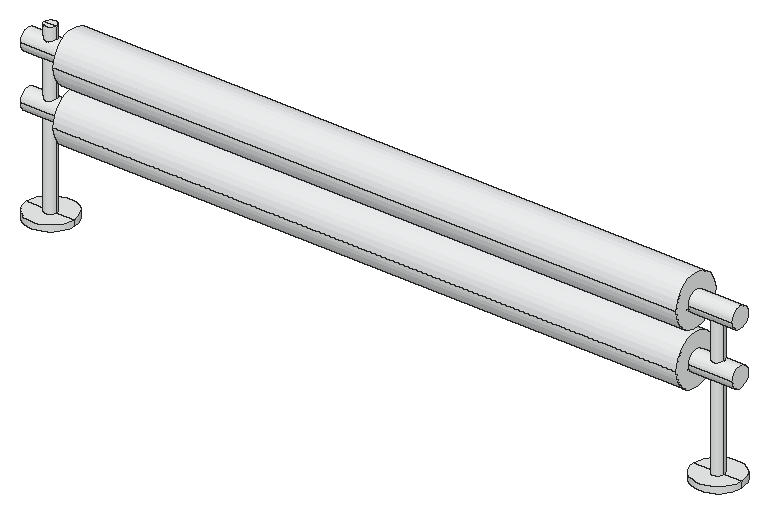
Revit family
Parameters (values of type "K33-73-08")
  URL = "http://viewer.zmags.com/publication/f01ae52f"
  Tube Radius = 16.9 mm
  Tube = RAL 9016
  Top Socket = 35 mm
  Thermal Performance = Thermal Performance Constant * Length / 1000 mm  # 124.8
  Socket Thick = 10 mm
  Socket = RAL 9016
  Plated Radius = 40 mm
  Plated = RAL 9016
  Socket Radius = 10 mm
  Plated Thick = 10 mm
  Model = "K33-73-08"
  Manufacturer = "Meinertz"  # constant formula
  Length = 1200 mm
  Mid = Length / 2  # 600 mm
  Keynote = "K33-73-08"
  Height = 125 mm
  GoGetNo = 6972  # constant formula
  Fins = yes
  Fin Radius = 41.5 mm
  Fin Pitch = RAL 9016 F
  Fin Diameter = Fin Radius * 2  # 83 mm
  Centre Line Distance = 90 mm
  Thermal Performance Constant = if(Fin Diameter = 73 mm, 88, if(Fin Diameter = 83 mm, 104, if(Fin Diameter = 92 mm, 88, if(Fin Diameter = 98 mm, 82, if(Fin Diameter = 123 mm, 110, if(Fin Diameter = 139 mm, 133, 180))))))  # 104
Types (9, lengths in mm): name | Tube Radius | Thermal Performance | Plated Radius | Plated Thick | Model | Keynote | Height | Fin Radius | Fin Diameter | Centre Line Distance | Thermal Performance Constant
  (no name) | 16.9 | 124.8 | 40 | 10 | "K33-73-08" | "K33-73-08" | 125 | 41.5 | 83 | 90 | 104
  K33-73-08 | 16.9 | 124.8 | 40 | 10 | "K33-73-08" | "K33-73-08" | 125 | 41.5 | 83 | 90 | 104
  K33-83-10 | 16.9 | 124.8 | 40 | 10 | "K33-83-10" | "K33-83-10" | 150 | 41.5 | 83 | 100 | 104
  K42-92-10 | 21.2 | 105.6 | 45 | 10 | "K42-92-10" | "K42-92-10" | 150 | 46 | 92 | 100 | 88
  K48-98-10 | 24.2 | 98.4 | 50 | 12 | "K48-98-10" | "K48-98-10" | 125 | 49 | 98 | 120 | 82
  K60-110-10 | 30.2 | 216 | 67.5 | 10 | "K60-110-10" | "K60-110-10" | 125 | 55 | 110 | 150 | 180
  K60-123-12 | 30.2 | 132 | 67.5 | 10 | "K60-123-12" | "K60-123-12" | 150 | 61.5 | 123 | 150 | 110
  K76-139-12 | 38.5 | 159.6 | 77.5 | 10 | "K76-139-12" | "K76-139-12" | 150 | 69.5 | 139 | 190 | 133
  K101-164-12 | 50.8 | 216 | 90 | 10 | "K101-164-12" | "K101-164-12" | 150 | 82 | 164 | 270 | 180
Reference planes
  plane 1 "Center (Front/Back)": y = 0
  plane 2: z = 0
  plane 3 "Center (Left/Right)": x = 0
  plane 4: z = 166.5
  plane 5: z = 256.5
  plane 6: z = 125
  plane 7: z = 298
  plane 8: x = -600
  plane 9: x = 600
  plane 10: z = 211.5
  plane 11: x = 562.5
  plane 12: x = -562.5
  plane 13: z = 10
  plane 14: z = -10
Forms (mm)
  Extrusion 1, solid, material "RAL 9016" <- "Tube"
    sketch origin (0, 0, 0) x (1, 0, 0) y (0, 1, 0)
      loop
        circle (-562.5, 0) r 10
    from 10 to 256.5
  Extrusion 2, solid, material "RAL 9016" <- "Tube"
    sketch origin (0, 0, 0) x (-1, 0, 0) y (0, -1, 0)
      loop
        circle (-562.5, 0) r 10
    from 10 to 256.5
  Revolve 3, solid, material "RAL 9016" <- "Plated"
    sketch origin (0, 0, 0) x (1, 0, 0) y (0, 0, 1)
      loop
        line (562.5, 10) -> (522.5, 10) -> (522.5, 0) -> (562.5, 0) -> (562.5, 10)
      axis (562.5, 0) -> (562.5, 10)
    angle from 0 to 360
  Revolve 4, solid, material "RAL 9016" <- "Plated"
    sketch origin (0, 0, 0) x (1, 0, 0) y (0, 0, 1)
      loop
        line (-562.5, 10) -> (-602.5, 10) -> (-602.5, 0) -> (-562.5, 0) -> (-562.5, 10)
      axis (-562.5, 0) -> (-562.5, 10)
    angle from 0 to 360
  Revolve 5, solid, material "RAL 9016" <- "Socket"
    sketch origin (0, 0, 0) x (1, 0, 0) y (0, 0, 1)
      loop
        line (-562.5, 291.5) -> (-572.5, 291.5) -> (-572.5, 256.5) -> (-562.5, 256.5) -> (-562.5, 291.5)
      axis (-562.5, 256.5) -> (-562.5, 291.5)
    angle from 0 to 360
  Extrusion 6, solid, material "Tap"
    sketch origin (-562.5, 0, 0) x (0, 1, 0) y (1, 0, 0)
      loop
        circle (0, 0) r 10
      loop
        circle (0, 1125) r 10
    from 0 to 5
Dimensions and locks
  "Centre Line Distance": plane 5 to plane 4
  "Height": plane 6 to level
  "Fin Radius": plane 7 to plane 5
  "Fin Radius": plane 4 to plane 6
  "Mid": plane 3 "Center (Left/Right)" to plane 8
  "Mid": plane 9 to plane 3 "Center (Left/Right)"
  equal spacing: plane 5, plane 10, plane 4
  equal spacing: nested 2, plane 11, plane 9
  equal spacing: nested 2, plane 12, plane 8
  "Plated Thick": plane 13 to level
  "Socket Thick": level to plane 14
  "Plated Radius": Revolve 3 sketch curve to Revolve 3 sketch curve
  "Plated Radius": plane 12 to Revolve 4 sketch curve
  "Socket Radius": plane 12 to Revolve 5 sketch curve
  "Top Socket": Revolve 5 sketch curve to plane 5
  equal spacing: Extrusion 6 sketch curve, plane 12, Extrusion 6 sketch curve
  equal spacing: Extrusion 6 sketch curve, plane 1 "Center (Front/Back)", Extrusion 6 sketch curve  (x2)
  equal spacing: Extrusion 6 sketch curve, plane 11, Extrusion 6 sketch curve
  "Socket Radius": radius of Extrusion 1 sketch curve
  "Socket Radius": radius of Extrusion 2 sketch curve
  aligned and locked: plane 1 "Center (Front/Back)" to nested 1
  aligned and locked: plane 4 to nested 1
  aligned and locked: plane 5 to nested 2
  aligned and locked: plane 9 to nested 2
  aligned and locked: plane 9 to nested 1
  aligned and locked: plane 5 to Extrusion 1
  aligned and locked: Extrusion 1 to plane 13
  aligned and locked: plane 5 to Extrusion 2
  aligned and locked: Extrusion 2 to plane 13
  aligned and locked: Revolve 3 sketch curve to plane 13
  aligned and locked: level to Revolve 3 sketch curve
  aligned and locked: Revolve 3 sketch curve to plane 11
  aligned and locked: Revolve 4 sketch curve to plane 13
  aligned and locked: level to Revolve 4 sketch curve
  aligned and locked: Revolve 5 sketch curve to plane 12
  aligned and locked: plane 5 to Revolve 5 sketch curve
Automatic sketch dimensions
  Extrusion 1 sketch curve to plane 1 "Center (Front/Back)" = 0 mm
  Extrusion 1 sketch curve to plane 12 = 0 mm
  Extrusion 2 sketch curve to plane 1 "Center (Front/Back)" = 0 mm
  Extrusion 2 sketch curve to plane 11 = 0 mm
  Revolve 3 sketch curve to plane 11 = 0 mm
  plane 14 to Revolve 3 sketch curve = 10 mm
  Revolve 3 sketch curve to plane 13 = 0 mm
  Revolve 4 sketch curve to plane 12 = 0 mm  (x2)
  plane 14 to Revolve 4 sketch curve = 10 mm
  Revolve 4 sketch curve to plane 13 = 0 mm
  Revolve 5 sketch curve to plane 5 = 0 mm
  Revolve 5 sketch curve to plane 12 = 0 mm
  Revolve 5 sketch curve to Revolve 5 sketch curve = 0 mm
  radius of Extrusion 6 sketch curve = 10 mm  (x2)
Nested families
  nested 1: "Ribberør LSV-Finned Tube" at (0, 0, -33.5), type "k33-73-08"
  nested 2: "Ribberør LSV-Finned Tube" at (0, 0, 56.5), type "k33-73-08"
Connectors
  piping at (-562.5, 0, -5)
    settings: on Extrusion 6, index 1, connector radius 10 mm, flow factor 0, pipe flow 0.0 L/s, pressure drop 0.0 Pa, fitting loss kfactor 0, connector angle 0.00°, fixture units 0, flow configuration 1, flow direction 1, fitting loss method 0, system type 22, connector reference index -1, connector utility 0, adjustable connector no, is connector primary yes, fitting loss table "", connector description ""
  piping at (562.5, 0, -5)
    settings: on Extrusion 6, index 2, connector radius 10 mm, flow factor 0, pipe flow 0.0 L/s, pressure drop 0.0 Pa, fitting loss kfactor 0, connector angle 0.00°, fixture units 0, flow configuration 1, flow direction 2, fitting loss method 0, system type 22, connector reference index -1, connector utility 0, adjustable connector no, is connector primary no, fitting loss table "", connector description ""
Definition of nested family "Ribberør LSV-Finned Tube"
  Parameters (values of type "K101-164-12")
    URL = "http://www.meinertz.com"
    Tube Radius = Tube Diameter / 2  # 50.8 mm
    Tube Diameter = 101.6 mm
    Tube = RAL 9016
    Offset = 75 mm
    Model = "K101-164-12"
    Max #1 Pole Breakers [instance] = 271
    Manufacturer = "Meinertz"
    Length = 1200 mm
    Keynote = "K101-164-12"
    Height = 150 mm
    GoGetNo = 6959  # constant formula
    Fins = yes
    Fin Radius = Fin Diameter / 2  # 82 mm
    Fin Pitch = RAL 9016 F
    Fin Offset = 0.6 mm
    Fin Diameter = 164 mm
    Assembly Code = ""
  Types (8, lengths in mm): name | Tube Radius | Tube Diameter | Model | Max #1 Pole Breakers | Keynote | Height | Fin Radius | Fin Offset | Fin Diameter
    K33-83-10 | 16.85 | 33.7 | "K33-83-10" | 271 | "K33-83-10" | 150 | 41.5 | 0.3 | 83
    K42-92-10 | 21.2 | 42.4 | "K42-92-10" | 271 | "K42-92-10" | 150 | 46 | 0.4 | 92
    K48-98-10 | 24.15 | 48.3 | "K48-98-10" | 271 | "K48-98-10" | 150 | 49 | 0.4 | 98
    K60-110-10 | 30.15 | 60.3 | "K60-110-10" | 271 | "K60-110-10" | 150 | 55 | 0.5 | 110
    K60-123-12 | 30.15 | 60.3 | "K60-123-12" | 271 | "K60-123-12" | 150 | 61.5 | 0.4 | 123
    K76-139-12 | 38.05 | 76.1 | "K76-139-12" | 271 | "K76-139-12" | 150 | 69.5 | 0.5 | 139
    K101-164-12 | 50.8 | 101.6 | "K101-164-12" | 271 | "K101-164-12" | 150 | 82 | 0.6 | 164
    k33-73-08 | 16.9 | 33.8 | "K101-164-12" | 211 | "K101-164-12" | 200 | 41.5 | 0.3 | 83
  Reference planes
    plane 1 "Center (Front/Back)": y = 0
    plane 2: z = 0
    plane 3 "Center (Left/Right)": x = 0
    plane 4: x = -600
    plane 5: x = 600
    plane 6: z = 150
    plane 7: x = -525
    plane 8: x = 525
  Forms (mm)
    Extrusion 1, solid, material "RAL 9016" <- "Tube"
      sketch origin (0, 0, 0) x (0, 1, 0) y (0, 0, 1)
        loop
          circle (0, 150) r 50.8
      from -600 to 600
    Extrusion 2, solid, material "RAL 9016 F" <- "Fin Pitch", visible <- "Fins"
      sketch origin (0, 0, 0) x (0, 1, 0) y (0, 0, 1)
        loop
          circle (0, 150) r 82
      from -525 to 525
  Dimensions and locks
    equal spacing: plane 4, plane 3 "Center (Left/Right)", plane 5
    "Length": plane 4 to plane 5
    "Offset": plane 4 to plane 7
    "Offset": plane 8 to plane 5
    "Height": plane 6 to plane 2
    "Tube Radius": radius of Extrusion 1 sketch curve
    "Fin Radius": radius of Extrusion 2 sketch curve
    aligned and locked: Extrusion 1 to plane 4
    aligned and locked: plane 5 to Extrusion 1
    aligned and locked: plane 8 to Extrusion 2
    aligned and locked: Extrusion 2 to plane 7
  Automatic sketch dimensions
    Extrusion 1 sketch curve to plane 1 "Center (Front/Back)" = 0 mm
    Extrusion 1 sketch curve to plane 6 = 0 mm
    Extrusion 2 sketch curve to plane 1 "Center (Front/Back)" = 0 mm
    Extrusion 2 sketch curve to plane 6 = 0 mm
